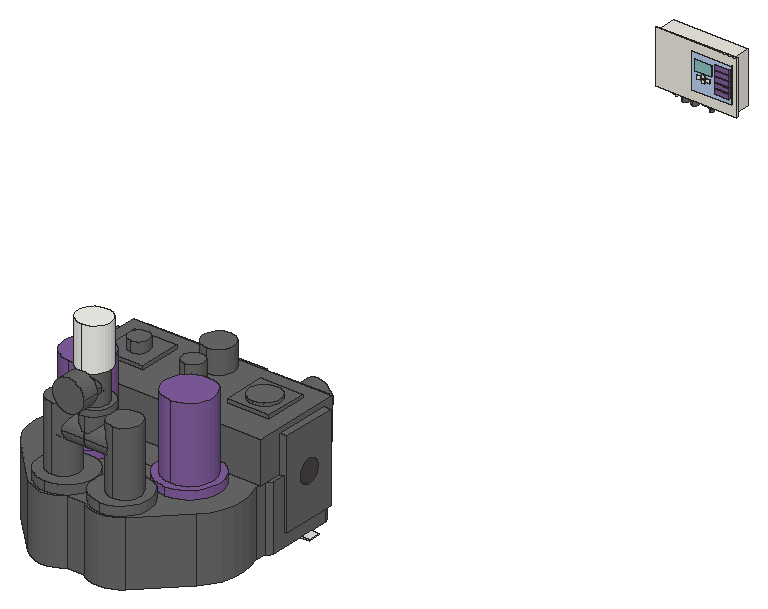
Revit family "28629-c", category Generic Models, Revit 2021 (continued)
Definition of nested family "28629-c_part2_X0Y0"
  Definition of nested family "28629-c_part2_content"
    Forms (mm)
      Extrusion 27, solid, detail levels medium+fine
        sketch origin (-230.6, -74.8, 399.99) x (0, 1, 0) y (-1, 0, 0)
          loop
            circle (0, 0) r 36
        from 0 to 36.5
      Extrusion 28, solid, detail levels medium+fine
        sketch origin (130, 64.5, 55.8) x (0, 1, 0) y (0, 0, 1)
          loop
            line (0, 315) -> (0, 0) -> (25.5, 0) -> (25.5, 315) -> (0, 315)
        from 0 to 200
      Extrusion 29, solid, detail levels medium+fine
        sketch origin (230, 89.99, 301) x (-1, 0, 0) y (0, 0, 1)
          loop
            circle (0, 0) r 55
        from 0 to 75
      Extrusion 30, solid, detail levels medium+fine
        sketch origin (230, 89.99, 81.07) x (-1, 0, 0) y (0, 0, 1)
          loop
            circle (0, 0) r 20
        from 0 to 75
      Extrusion 31, solid, detail levels medium+fine
        sketch origin (-330.3, 64.5, 56) x (0, 1, 0) y (0, 0, 1)
          loop
            line (0, 315) -> (0, 0) -> (25.5, 0) -> (25.5, 315) -> (0, 315)
        from 0 to 200
      Extrusion 32, solid, detail levels medium+fine
        sketch origin (-230.25, 89.99, 214) x (1, 0, 0) y (0, 0, -1)
          loop
            circle (0, 0) r 40
        from 0 to 1.5
      Extrusion 33, solid, detail levels medium+fine
        sketch origin (361.5, -175, 56) x (0, 1, 0) y (0, 0, 1)
          loop
            line (0, 315) -> (0, 0) -> (200, 0) -> (200, 315) -> (0, 315)
        from 0 to 28.5
      Extrusion 34, solid, detail levels medium+fine
        sketch origin (390, -74.999, 214) x (0, -1, 0) y (0, 0, -1)
          loop
            circle (0, 0) r 40
        from 0 to 1.5
      Extrusion 35, solid, detail levels medium+fine
        sketch origin (-390, -175, 56) x (0, 1, 0) y (0, 0, 1)
          loop
            line (0, 315) -> (0, 0) -> (200, 0) -> (200, 315) -> (0, 315)
        from 0 to 29.5
      Extrusion 36, solid, detail levels medium+fine
        sketch origin (-390, -75, 214) x (0, 1, 0) y (0, 0, -1)
          loop
            circle (0, 0) r 40
        from 0 to 1.5
      Extrusion 37, solid, detail levels medium+fine
        sketch origin (-378.5, -52.33, 0) x (0, -1, 0) y (0, 0, 1)
          loop
            line (0, 5) -> (0, 0) -> (45, 0) -> (45, 5) -> (0, 5)
        from 0 to 31.5
      Extrusion 38, solid, detail levels medium+fine
        sketch origin (377.3, -97.33, 0) x (0, 1, 0) y (0, 0, 1)
          loop
            line (0, 5) -> (0, 0) -> (45, 0) -> (45, 5) -> (0, 5)
        from 0 to 32.5
      Extrusion 39, solid, detail levels coarse
        sketch origin (-0.1, -260.505, 0) x (1, 0, 0) y (0, 1, 0)
          loop
            line (-409.9, -425.495) -> (409.9, -425.495) -> (409.9, 425.495) -> (-409.9, 425.495) -> (-409.9, -425.495)
        from 0 to 799
    Dimensions and locks
      aligned and locked: level to plane 2
